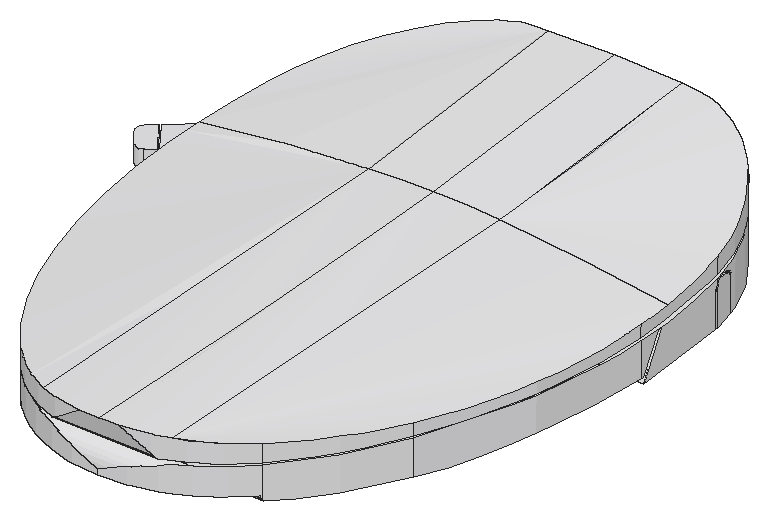
Revit family "Bidet_Seat-Elongated_Closed_Front-KOHLER-C3-030-K-98804K_1", category Plumbing Fixtures, host Face, Revit 2017
Family settings
  Host = Face
  Round Connector Dimension = Use Diameter
  Part Type = Normal
  OmniClass Number = 23.31.19.19.17
  OmniClass Title = Water Closet Seats
  Cut with Voids When Loaded = No
  Shared = No
  Room Calculation Point = No
Parameters (values of type "0-White")
  Width = 14 1/2"  # constant formula
  WaterSense Certified = 1 = 0  # no
  Waste Connection = 1 = 0  # no
  Vent Connection = 1 = 0  # no
  URL = "https://www.kohlerasiapacific.com/"
  Product Page URL = "https://www.kohlerasiapacific.com/productDetails/98804K?skuid=98804K-0"
  Product Name = "C3-030"  # constant formula
  Product Documentation Link = "http://resources.kohler.com/plumbing/kohlerapac/pdf/98804K.pdf"
  Model = "K-98804K-0"  # constant formula
  Material = "Plastic"  # constant formula
  Master Format 2014 Name = "Toilet, Bath, and Laundry Accessories"  # constant formula
  Master Format 2014 = "22 42 13.13"  # constant formula
  Manufacturer Address = "No. 158 Jiang Chang San Road, Zhabei District, Shanghai, China"  # constant formula
  Manufacturer = "KOHLER Co."  # constant formula
  Length = 19.76378"  # constant formula
  Hot Water Inlet = "Hot Water Inlet"  # constant formula
  Height = 3 1/16"  # constant formula
  HW Connection = 1 = 0  # no
  Finish = Kohler-Plastic-0-White
  Environmental Product Declaration = ""
  Description = "Manual Bidet Seat"  # constant formula
  Default Elevation = 0"
  Declare Label = ""
  Date Modified = "04/15/2021"  # constant formula
  Date Created = "04/15/2021"  # constant formula
  Copyright = "Copyright KOHLER Co."  # constant formula
  Contact Us = "https://www.kohlerasiapacific.com/contact-us"
  Cold Water Inlet = "Cold Water Inlet"  # constant formula
  CW Connection = 1 = 1  # yes
  Assembly Code = "D2010100"
  ADA Compliant = 1 = 0  # no
Reference planes (in)
  plane 1 "Center (Front/Back)": y = 0
  plane 2: z = 0
  plane 3 "Center (Left/Right)": x = 0
  plane 4: y = -9.35236
  plane 5: x = -7.25
  plane 6: x = 7.25
  plane 7: x = -8.90354
  plane 8: z = 3.0625
  plane 9: through (7.25475, 1.48599, 48) normal (-0.3746, -0.9272, 0)
  plane 10: through (-8.57898, 2.22175, 48) normal (-0.9272, 0.3746, 0)
  plane 11: z = 0.69644
  plane 12: y = 7.08901
  plane 13: x = -6.61278
  plane 14: y = 10.41142
  plane 15: z = -0.95089
Forms (in)
  Extrusion 1, void
    sketch origin (0, 0, 0) x (0, 1, 0) y (0, 0, 1)
      loop
        line (6.33514, 0) -> (3.25, 0) -> (3.25, -1) -> (6.33514, -1) -> (6.33514, 0)
    from -0.95956 to 0.88435
Dimensions and locks (in)
  "Height": level to plane 8
  "Width": plane 5 to plane 6
  "Length": plane 14 to plane 4
  locked: plane 7 to plane 5 at 1.65354
  aligned and locked: plane 2 to host face
  aligned and locked: level to host face
Automatic sketch dimensions
  host sketch curve to host sketch curve = 96"  (x2)
  Extrusion 1 sketch curve to level = 0"
  Extrusion 1 sketch curve to plane 1 "Center (Front/Back)" = 3 1/4"
  Extrusion 1 sketch curve to level = 1"
  Extrusion 1 sketch curve to Extrusion 1 sketch curve = 3.08514"
Nested families (in)
  nested 1: "K-98804K" at (0, 10.41142, 0), type "K-98804K"
Connectors (in)
  piping at (-6.61274, 7.0887, 0.69644), diameter 0.5, driven by "CW Connection", driven by "Cold Water Inlet"
    settings: on nested 1, index 1, connector inside diameter 24", connector length 0", flow factor 0, pipe flow 0 GPM, pressure drop 0.00 psi, fitting loss kfactor 0, connector angle 0.00°, fixture units 0, engagement length 0", angle of deflection 0.00°, flow configuration 0, flow direction 1, fitting loss method 0, system type 20, joint type 0, gender type 0, connector reference index -1, connector utility 1, adjustable connector no, is connector primary yes, connector description "Cold Water Inlet"
Definition of nested family "K-98804K"
  Parameters (values of type "K-98804K")
    Material = none
  Reference planes (in)
    plane 1 "Center (Front/Back)": y = 0
    plane 2: z = 0
    plane 3 "Center (Left/Right)": x = 0
    plane 4: z = 3.0625
    plane 5: y = -19.9375
    plane 6: x = -7.25
    plane 7: x = -8.875
    plane 8: x = 7.25
    plane 9 "hose": through (-6.90539, -3.37515, 48) normal (0.9272, -0.3746, 0)
    plane 10 "hose 1": through (-6.90539, -3.37515, 48) normal (0.3746, 0.9272, 0)
    plane 11: y = -10.58514
  Forms (in)
    Extrusion 1, solid, material <- "Material", detail levels medium+fine
      sketch origin (0, 0, 0) x (1, 0, 0) y (0, 1, 0)
        loop
          arc (-5.79389, -14.99319) -> (-4.88771, -16.69207) -> (-3.731, -18.23134) r 12.48022
          arc (-3.731, -18.23134) -> (-2.04743, -19.48227) -> (0, -19.9375) r 5.02798
          arc (0, -19.9375) -> (2.04743, -19.48227) -> (3.731, -18.23134) r 5.02798
          arc (3.731, -18.23134) -> (4.88771, -16.69207) -> (5.79389, -14.99319) r 12.48022
          arc (5.79389, -14.99319) -> (6.88207, -11.59136) -> (7.25, -8.03872) r 17.3356
          arc (7.25, -8.03872) -> (7.1668, -6.34672) -> (6.91802, -4.67105) r 17.24708
          arc (6.91802, -4.67105) -> (6.08385, -2.53235) -> (4.56565, -0.81045) r 6.579
          arc (4.56565, -0.81045) -> (3.95093, -0.40445) -> (3.27397, -0.11387) r 4.13855
          arc (3.27397, -0.11387) -> (2.92153, -0.02865) -> (2.56006, 0) r 2.29489
          line (2.56006, 0) -> (-2.76102, 0)
          arc (-2.76102, 0) -> (-2.85653, -0.00562) -> (-2.95072, -0.02241) r 0.81424
          arc (-2.95072, -0.02241) -> (-3.80147, -0.32772) -> (-4.56565, -0.81045) r 4.13855
          arc (-4.56565, -0.81045) -> (-6.08385, -2.53235) -> (-6.91802, -4.67105) r 6.579
          arc (-6.91802, -4.67105) -> (-7.1668, -6.34672) -> (-7.25, -8.03872) r 17.24708
          arc (-7.25, -8.03872) -> (-6.88207, -11.59136) -> (-5.79389, -14.99319) r 17.3356
      from 0 to 3.0625
    Sweep 2, void
      path origin (0, 0, 0) x (1, 0, 0) y (0, 0, 1)
        loop
          arc (-15.60328, 2.60526) -> (-12.05024, 2.0722) -> (-8.4639, 2.28746) r 17.23261
          arc (-8.4639, 2.28746) -> (-5.2738, 2.72995) -> (-2.0647, 3.00245) r 60.64245
          arc (-2.0647, 3.00245) -> (-1.03279, 3.04748) -> (0, 3.0625) r 35.52401
          arc (0, 3.0625) -> (1.03279, 3.04748) -> (2.0647, 3.00245) r 35.52401
          arc (2.0647, 3.00245) -> (5.2738, 2.72995) -> (8.4639, 2.28746) r 60.64245
          arc (8.4639, 2.28746) -> (12.05024, 2.0722) -> (15.60328, 2.60526) r 17.23261
      profile origin (0, 0, 3.0625) x (0, 0, -1) y (0, -1, 0)
        loop
          arc (0.73974, 6.95713) -> (1.08453, 13.44434) -> (1.28845, 19.9375) r 299.30496
          line (1.28845, 19.9375) -> (-2.5, 19.9375) -> (-2.5, 0) -> (0, 0)
          arc (0, 0) -> (0.4429, 3.4708) -> (0.73974, 6.95713) r 83.35618
    Extrusion 3, void
      sketch origin (0, 0, 0) x (0, 1, 0) y (0, 0, 1)
        loop
          line (-18.29047, 0.19685) -> (-19.9375, 0.19685) -> (-19.9375, 0.3811)
          arc (-19.9375, 0.3811) -> (-19.75488, 0.82727) -> (-19.31184, 1.01735) r 0.63634
          line (-19.31184, 1.01735) -> (-9.49904, 1.18204)
          arc (-9.49904, 1.18204) -> (-4.90457, 1.35542) -> (-0.32138, 1.72097) r 109.81346
          arc (-0.32138, 1.72097) -> (0.68732, 1.85769) -> (1.68433, 2.06303) r 14.88604
          line (1.68433, 2.06303) -> (1.76016, 2.13886)
          arc (1.76016, 2.13886) -> (0.69765, 1.87376) -> (-0.38863, 1.73526) r 9.30979
          arc (-0.38863, 1.73526) -> (-10.00827, 1.25081) -> (-19.63902, 1.10623) r 272.82702
          arc (-19.63902, 1.10623) -> (-19.66069, 1.11319) -> (-19.67435, 1.13139) r 0.03752
          line (-19.67435, 1.13139) -> (-19.9375, 1.88531) -> (-22.6875, 1.88531) -> (-22.6875, 0) -> (-18.29047, 0) -> (-18.29047, 0.19685)
      from -17.2144 to 12
    Extrusion 4, void
      sketch origin (0, 0, 0) x (0, 1, 0) y (0, 0, 1)
        loop
          arc (-0.32751, 2.59237) -> (-0.13773, 2.48901) -> (-0.05798, 2.28816) r 0.31768
          line (-0.05798, 2.28816) -> (0, 0.41339) -> (0.75, 0.41339) -> (0.75, 3.07568) -> (-0.39914, 2.78917) -> (-0.32751, 2.59237)
      from -9.6785 to 12
    Extrusion 5, void
      sketch origin (0, 0, 0) x (1, 0, 0) y (0, 0, 1)
        loop
          line (2.75991, 2.60474) -> (2.74502, 1.75188) -> (2.81496, 1.75188) -> (2.81496, 2.80323)
          arc (2.81496, 2.80323) -> (0, 2.86433) -> (-2.81496, 2.80323) r 64.87585
          line (-2.81496, 2.80323) -> (-2.81496, 1.75188) -> (-2.74502, 1.75188) -> (-2.75991, 2.60474) -> (2.75991, 2.60474)
      from -1.06051 to 0.43385
    Extrusion 6, void
      sketch origin (0, 0, 0) x (0, 1, 0) y (0, 0, 1)
        loop
          line (-7.93545, 0) -> (-7.26365, 1.21195) -> (-7.38963, 1.21195) -> (-7.96925, 0.16629) -> (-9.71925, 0.16629)
          arc (-9.71925, 0.16629) -> (-11.00818, 0.14562) -> (-12.29578, 0.08364) r 40.20116
          arc (-12.29578, 0.08364) -> (-15.24824, -0.01967) -> (-18.20171, 0.04928) r 50.66603
          line (-18.20171, 0.04928) -> (-18.34928, 0.19685) -> (-20.2313, 0.19685) -> (-20.2313, -6.30315) -> (4.2687, -6.30315) -> (4.2687, 0) -> (-7.93545, 0)
      from -13.86887 to 12
    Extrusion 7, solid, material <- "Material", detail levels medium+fine
      sketch origin (0, 0, 0) x (1, 0, 0) y (0, 1, 0)
        loop
          line (-8.80457, -7.51551) -> (-8.40823, -8.01235)
          arc (-8.40823, -8.01235) -> (-8.24873, -8.10192) -> (-8.07195, -8.05489) r 0.24306
          line (-8.07195, -8.05489) -> (-7.76299, -7.82208)
          arc (-7.76299, -7.82208) -> (-7.62897, -7.74058) -> (-7.48149, -7.68716) r 0.79017
          arc (-7.48149, -7.68716) -> (-7.20425, -7.69764) -> (-6.97678, -7.85647) r 0.49189
          line (-6.97678, -7.85647) -> (-6.34637, -4.1611)
          arc (-6.34637, -4.1611) -> (-6.9385, -5.13881) -> (-7.65072, -6.03284) r 8.92615
          arc (-7.65072, -6.03284) -> (-8.07394, -6.4686) -> (-8.52581, -6.87457) r 8.92615
          line (-8.52581, -6.87457) -> (-8.76008, -7.07106)
          arc (-8.76008, -7.07106) -> (-8.87278, -7.28423) -> (-8.80457, -7.51551) r 0.31979
      from 0.6351 to 1.14961
    Extrusion 8, void
      sketch origin (-4.76407, 1.92481, 0) x (0.374607, 0.927184, 0) y (0, 0, 1)
        loop
          line (-5.69732, 1.21379) -> (-5.74829, 1.21379)
          arc (-5.74829, 1.21379) -> (-5.94169, 1.08142) -> (-6.15375, 0.98167) r 1.46141
          line (-6.15375, 0.98167) -> (-6.17912, 0.93946)
          arc (-6.17912, 0.93946) -> (-6.16186, 0.7012) -> (-6.17912, 0.46294) r 1.65396
          line (-6.17912, 0.46294) -> (-6.16051, 0.42938)
          arc (-6.16051, 0.42938) -> (-5.95595, 0.30456) -> (-5.74542, 0.19012) r 4.79853
          line (-5.74542, 0.19012) -> (-5.7002, 0.19012)
          arc (-5.7002, 0.19012) -> (-5.48966, 0.30456) -> (-5.2851, 0.42938) r 4.79853
          line (-5.2851, 0.42938) -> (-5.2665, 0.46294)
          arc (-5.2665, 0.46294) -> (-5.28375, 0.7012) -> (-5.2665, 0.93946) r 1.65396
          line (-5.2665, 0.93946) -> (-5.29186, 0.98167)
          arc (-5.29186, 0.98167) -> (-5.50393, 1.08142) -> (-5.69732, 1.21379) r 1.46141
        loop
          circle (-5.70001, 0.68575) r 0.82046
      from 0 to 1.06206
    Revolve 9, solid, material <- "Material", detail levels medium+fine
      sketch origin (0.04323, -0.02051, 0.69644) x (1, 0, 0) y (0, 1, 0)
        loop
          line (-7.0455, -3.72193) -> (-7.11312, -3.88929) -> (-6.18594, -4.26389) -> (-5.97821, -3.74976) -> (-6.30673, -3.61702) -> (-6.44684, -3.96381) -> (-7.0455, -3.72193)
        axis (-6.90539, -3.37515) -> (-5.97821, -3.74976)
      angle from 0 to 360
    Extrusion 10, solid, material <- "Material", detail levels medium+fine
      sketch origin (0, 0, 0) x (1, 0, 0) y (0, 1, 0)
        loop
          arc (-3.53696, -15.25762) -> (-3.5265, -15.23642) -> (-3.53112, -15.21323) r 0.03678
          line (-3.53112, -15.21323) -> (-3.6169, -15.06464)
          arc (-3.6169, -15.06464) -> (-3.64016, -15.04727) -> (-3.66878, -15.05219) r 0.03678
          line (-3.66878, -15.05219) -> (-4.73046, -15.74165)
          arc (-4.73046, -15.74165) -> (-4.74578, -15.76236) -> (-4.74376, -15.78804) r 0.03678
          line (-4.74376, -15.78804) -> (-4.55086, -16.20171)
          arc (-4.55086, -16.20171) -> (-4.52391, -16.22239) -> (-4.49152, -16.21218) r 0.03678
          line (-4.49152, -16.21218) -> (-3.53696, -15.25762)
        loop
          arc (5.1499, -9.49709) -> (5.13024, -9.51023) -> (5.12264, -9.53262) r 0.03678
          line (5.12264, -9.53262) -> (5.12264, -9.70418)
          arc (5.12264, -9.70418) -> (5.13411, -9.73086) -> (5.16135, -9.74091) r 0.03678
          line (5.16135, -9.74091) -> (6.42551, -9.67466)
          arc (6.42551, -9.67466) -> (6.44914, -9.66439) -> (6.46023, -9.64114) r 0.03678
          line (6.46023, -9.64114) -> (6.50001, -9.18643)
          arc (6.50001, -9.18643) -> (6.48701, -9.15505) -> (6.45385, -9.1477) r 0.03678
          line (6.45385, -9.1477) -> (5.1499, -9.49709)
        loop
          line (3.50729, -15.28729) -> (4.46185, -16.24185)
          arc (4.46185, -16.24185) -> (4.5312, -16.26371) -> (4.58889, -16.21945) r 0.07874
          line (4.58889, -16.21945) -> (4.78179, -15.80577)
          arc (4.78179, -15.80577) -> (4.78611, -15.75079) -> (4.75331, -15.70646) r 0.07874
          line (4.75331, -15.70646) -> (3.69164, -15.017)
          arc (3.69164, -15.017) -> (3.63037, -15.00647) -> (3.58056, -15.04366) r 0.07874
          line (3.58056, -15.04366) -> (3.49478, -15.19224)
          arc (3.49478, -15.19224) -> (3.4849, -15.24189) -> (3.50729, -15.28729) r 0.07874
        loop
          arc (-5.16353, -9.78282) -> (-5.10522, -9.7613) -> (-5.08068, -9.7042) r 0.07872
          line (-5.08068, -9.7042) -> (-5.08068, -9.5326)
          arc (-5.08068, -9.5326) -> (-5.09695, -9.48468) -> (-5.13903, -9.45656) r 0.07873
          line (-5.13903, -9.45656) -> (-6.44302, -9.10716)
          arc (-6.44302, -9.10716) -> (-6.51399, -9.12289) -> (-6.54181, -9.19006) r 0.07872
          line (-6.54181, -9.19006) -> (-6.50203, -9.64481)
          arc (-6.50203, -9.64481) -> (-6.47829, -9.69458) -> (-6.42772, -9.71656) r 0.07872
          line (-6.42772, -9.71656) -> (-5.16353, -9.78282)
      from 0 to 0.83088
    Extrusion 11, solid, material <- "Material"
      sketch origin (0, 0, 0) x (0, 1, 0) y (0, 0, 1)
        loop
          arc (-6.9849, 0) -> (-6.94602, -0.22751) -> (-6.81952, -0.42056) r 0.5659
          line (-6.81952, -0.42056) -> (-6.28919, -0.95089) -> (-4.25, 0) -> (-6.9849, 0)
      from -0.78869 to 0.74751
    Extrusion 12, solid, material <- "Material", detail levels coarse
      sketch origin (0, 0, 0) x (1, 0, 0) y (0, 1, 0)
        loop
          arc (6.92008, -4.68143) -> (6.08387, -2.53239) -> (4.55744, -0.80392) r 6.579
          arc (4.55744, -0.80392) -> (3.75136, -0.3037) -> (2.85262, 0) r 4.14128
          line (2.85262, 0) -> (-2.85262, 0)
          arc (-2.85262, 0) -> (-3.75136, -0.3037) -> (-4.55741, -0.80395) r 4.14128
          arc (-4.55741, -0.80395) -> (-5.72109, -1.99794) -> (-6.54722, -3.44613) r 6.579
          arc (-6.54722, -3.44613) -> (-6.81592, -4.23597) -> (-6.9825, -5.05346) r 6.579
          arc (-6.9825, -5.05346) -> (-7.03081, -5.23209) -> (-7.12231, -5.39294) r 0.7331
          arc (-7.12231, -5.39294) -> (-7.37907, -5.71904) -> (-7.65072, -6.03284) r 8.92615
          arc (-7.65072, -6.03284) -> (-8.07394, -6.4686) -> (-8.52581, -6.87457) r 8.92615
          line (-8.52581, -6.87457) -> (-8.76008, -7.07106)
          arc (-8.76008, -7.07106) -> (-8.87278, -7.28423) -> (-8.80457, -7.51551) r 0.31979
          line (-8.80457, -7.51551) -> (-8.40823, -8.01235)
          arc (-8.40823, -8.01235) -> (-8.24873, -8.10192) -> (-8.07195, -8.05489) r 0.24306
          line (-8.07195, -8.05489) -> (-7.76299, -7.82208)
          arc (-7.76299, -7.82208) -> (-7.62897, -7.74058) -> (-7.48149, -7.68716) r 0.79017
          arc (-7.48149, -7.68716) -> (-7.40934, -7.67451) -> (-7.33611, -7.67272) r 0.49189
          arc (-7.33611, -7.67272) -> (-7.27294, -7.702) -> (-7.24787, -7.76695) r 0.09289
          arc (-7.24787, -7.76695) -> (-6.9094, -11.45824) -> (-5.79389, -14.99319) r 17.3356
          arc (-5.79389, -14.99319) -> (-4.90303, -16.66797) -> (-3.76864, -18.18837) r 12.48022
          arc (-3.76864, -18.18837) -> (0, -19.90244) -> (3.76864, -18.18837) r 5
          arc (3.76864, -18.18837) -> (4.90303, -16.66797) -> (5.79389, -14.99319) r 12.48022
          arc (5.79389, -14.99319) -> (7.14724, -9.92349) -> (6.92008, -4.68143) r 17.3356
      from 0 to 3.0625
    Extrusion 13, solid, material <- "Material", detail levels coarse
      sketch origin (-4.76407, 1.92481, 0) x (0.374607, 0.927184, 0) y (0, 0, 1)
        loop
          circle (-5.71902, 0.69644) r 0.5
      from 0 to 1.08529
    Extrusion 14, void
      sketch origin (0, 0, 0) x (1, 0, 0) y (0, 1, 0)
        loop
          line (-7.70833, -7.89462) -> (-8.81617, -6.42447) -> (-8.86254, -6.47084) -> (-7.7547, -7.94099) -> (-7.70833, -7.89462)
      from 0.98526 to 12
    Extrusion 15, void
      sketch origin (-1.67357, 9.57408, 1.5) x (0.374607, 0.927184, 0) y (0, 0, 1)
        loop
          line (-10.10576, -1.64924) -> (-10.05107, -1.64924) -> (-10.05107, -0.51326)
          arc (-10.05107, -0.51326) -> (-9.73076, -0.19295) -> (-9.41045, -0.51326) r 0.32031
          line (-9.41045, -0.51326) -> (-9.41045, -1.64924) -> (-9.35576, -1.64924) -> (-9.35576, -0.51326)
          arc (-9.35576, -0.51326) -> (-9.73076, -0.13826) -> (-10.10576, -0.51326) r 0.375
          line (-10.10576, -0.51326) -> (-10.10576, -1.64924)
      from 12 to 25.89752
  Cuts and joins
    Sweep 2, Extrusion 3, Extrusion 4, Extrusion 5, Extrusion 6, Extrusion 15 cuts Extrusion 1
    Extrusion 14 cuts Extrusion 7
    Extrusion 8 cuts Revolve 9
    joined: Extrusion 1, Extrusion 7, Revolve 9, Extrusion 10
  Lines and regions (in)
    Masking region 1
      outline origin (0, 0, 0) x (1, 0, 0) y (0, 1, 0)
        loop
          arc (-7.2464, -7.68556) -> (-6.91738, -11.41833) -> (-5.79389, -14.99319) r 17.3356
          arc (-5.79389, -14.99319) -> (-4.88771, -16.69207) -> (-3.731, -18.23134) r 12.48022
          arc (-3.731, -18.23134) -> (-2.04743, -19.48227) -> (0, -19.9375) r 5.02798
          arc (0, -19.9375) -> (2.04743, -19.48227) -> (3.731, -18.23134) r 5.02798
          arc (3.731, -18.23134) -> (4.88771, -16.69207) -> (5.79389, -14.99319) r 12.48022
          arc (5.79389, -14.99319) -> (7.14724, -9.92349) -> (6.92173, -4.6811) r 17.3356
          arc (6.92173, -4.6811) -> (6.08387, -2.53239) -> (4.55744, -0.80392) r 6.579
          spline (4.55744, -0.80392) -> (4.43195, -0.70819) -> (4.3028, -0.61727) -> (4.17016, -0.53133) -> (4.03422, -0.45049) -> (3.89518, -0.37487) -> (3.75324, -0.30458) -> (3.6086, -0.23973) -> (3.46149, -0.1804) -> (3.31212, -0.12669) -> (3.1607, -0.07868) -> (3.00746, -0.03642) -> (2.85262, 0)
          line (2.85262, 0) -> (-2.85262, 0)
          spline (-2.85262, 0) -> (-3.00746, -0.03642) -> (-3.1607, -0.07868) -> (-3.31212, -0.12669) -> (-3.46149, -0.1804) -> (-3.6086, -0.23973) -> (-3.75324, -0.30458) -> (-3.89518, -0.37487) -> (-4.03422, -0.45049) -> (-4.17016, -0.53133) -> (-4.3028, -0.61727) -> (-4.43195, -0.70819) -> (-4.55741, -0.80395)
          arc (-4.55741, -0.80395) -> (-5.59694, -1.83825) -> (-6.38151, -3.07715) r 6.579
          line (-6.38151, -3.07715) -> (-6.69264, -2.9761) -> (-7.03452, -3.82226) -> (-6.72292, -3.92346)
          arc (-6.72292, -3.92346) -> (-6.89726, -4.57087) -> (-7.00481, -5.23267) r 6.579
          arc (-7.00481, -5.23267) -> (-7.31623, -5.64207) -> (-7.65072, -6.03284) r 8.92615
          arc (-7.65072, -6.03284) -> (-8.07394, -6.4686) -> (-8.52581, -6.87457) r 8.92615
          line (-8.52581, -6.87457) -> (-8.76008, -7.07106)
          arc (-8.76008, -7.07106) -> (-8.87278, -7.28423) -> (-8.80457, -7.51551) r 0.31979
          line (-8.80457, -7.51551) -> (-8.40823, -8.01235)
          arc (-8.40823, -8.01235) -> (-8.24873, -8.10192) -> (-8.07195, -8.05489) r 0.24306
          line (-8.07195, -8.05489) -> (-7.76299, -7.82208)
          arc (-7.76299, -7.82208) -> (-7.62897, -7.74058) -> (-7.48149, -7.68716) r 0.79017
          arc (-7.48149, -7.68716) -> (-7.36404, -7.67211) -> (-7.2464, -7.68556) r 0.49189
    Masking region 2
      outline origin (0, 0, 0) x (0, 1, 0) y (0, 0, 1)
        loop
          line (0, 2.88868) -> (0, 3.0625)
          arc (0, 3.0625) -> (-9.92998, 2.16458) -> (-19.89266, 1.76981) r 197.16148
          arc (-19.89266, 1.76981) -> (-19.91767, 1.7561) -> (-19.9204, 1.72771) r 0.03047
          line (-19.9204, 1.72771) -> (-19.67384, 1.13015)
          arc (-19.67384, 1.13015) -> (-19.65964, 1.11279) -> (-19.63819, 1.10623) r 0.03868
          arc (-19.63819, 1.10623) -> (-10.11363, 1.24739) -> (-0.59981, 1.72097) r 272.82702
          line (-0.59981, 1.72097) -> (-0.32138, 1.72097)
          arc (-0.32138, 1.72097) -> (-4.90457, 1.35542) -> (-9.49904, 1.18204) r 109.81346
          line (-9.49904, 1.18204) -> (-19.31184, 1.01735)
          arc (-19.31184, 1.01735) -> (-19.75488, 0.82727) -> (-19.9375, 0.3811) r 0.63634
          line (-19.9375, 0.3811) -> (-19.9375, 0.19685) -> (-18.29047, 0.19685) -> (-18.29047, 0.13804) -> (-18.20171, 0.04928) -> (-16.98509, 0) -> (-14.10094, 0)
          arc (-14.10094, 0) -> (-13.19799, 0.03377) -> (-12.29578, 0.08364) r 50.66603
          arc (-12.29578, 0.08364) -> (-11.03994, 0.14459) -> (-9.78282, 0.16624) r 40.20116
          line (-9.78282, 0.16624) -> (-9.78282, 0) -> (-9.10716, 0) -> (-9.10716, 0.16629) -> (-7.96925, 0.16629) -> (-7.70938, 0.6351) -> (-7.5834, 0.6351) -> (-7.93545, 0) -> (-6.9849, 0)
          arc (-6.9849, 0) -> (-6.94602, -0.22751) -> (-6.81952, -0.42056) r 0.5659
          line (-6.81952, -0.42056) -> (-6.28919, -0.95089) -> (-4.25, 0) -> (0, 0) -> (0, 0.41339) -> (-0.05798, 2.28816)
          arc (-0.05798, 2.28816) -> (-0.13773, 2.48901) -> (-0.32751, 2.59237) r 0.31768
          line (-0.32751, 2.59237) -> (-0.39914, 2.78917) -> (0, 2.88868)
    Masking region 3
      outline origin (0, 0, 0) x (1, 0, 0) y (0, 0, 1)
        loop
          spline (-6.91802, 1.95622) -> (-6.96935, 1.92449) -> (-7.01642, 1.89417) -> (-7.0592, 1.86526) -> (-7.09769, 1.83777) -> (-7.13188, 1.81172) -> (-7.16175, 1.7871) -> (-7.18729, 1.76392) -> (-7.20851, 1.7422) -> (-7.22539, 1.72193) -> (-7.23794, 1.70312) -> (-7.24613, 1.68578) -> (-7.24999, 1.66992)
          line (-7.24999, 1.66992) -> (-7.24999, 1.3223)
          spline (-7.24999, 1.3223) -> (-7.24958, 1.31754) -> (-7.24835, 1.31284) -> (-7.24629, 1.30818) -> (-7.2434, 1.30358) -> (-7.23969, 1.29903) -> (-7.23516, 1.29453) -> (-7.2298, 1.29008) -> (-7.22361, 1.28569) -> (-7.2166, 1.28135) -> (-7.20876, 1.27705) -> (-7.2001, 1.27282) -> (-7.19062, 1.26863)
          spline (-7.19062, 1.26863) -> (-7.2, 1.26362) -> (-7.20858, 1.25874) -> (-7.21636, 1.25397) -> (-7.22333, 1.24934) -> (-7.22949, 1.24482) -> (-7.23484, 1.24043) -> (-7.23939, 1.23616) -> (-7.24312, 1.23202) -> (-7.24606, 1.228) -> (-7.24818, 1.2241) -> (-7.24949, 1.22033) -> (-7.25, 1.21669)
          line (-7.25, 1.21669) -> (-7.25, 1.14961) -> (-8.875, 1.14961) -> (-8.875, 0.6351) -> (-7.25, 0.6351) -> (-7.25, 0.16629) -> (-7.16835, 0.16629)
          spline (-7.16835, 0.16629) -> (-7.14582, 0.16563) -> (-7.12056, 0.16383) -> (-7.09257, 0.1609) -> (-7.06187, 0.15683) -> (-7.02845, 0.15164) -> (-6.99233, 0.14531) -> (-6.95351, 0.13785) -> (-6.91199, 0.12926) -> (-6.8678, 0.11954) -> (-6.82092, 0.1087) -> (-6.77138, 0.09673) -> (-6.71917, 0.08364)
          spline (-6.71917, 0.08364) -> (-6.70538, 0.08021) -> (-6.69141, 0.07683) -> (-6.67727, 0.07351) -> (-6.66295, 0.07025) -> (-6.64845, 0.06705) -> (-6.63379, 0.06391) -> (-6.61894, 0.06083) -> (-6.60392, 0.0578) -> (-6.58873, 0.05484) -> (-6.57337, 0.05193) -> (-6.55783, 0.04908) -> (-6.54211, 0.04629)
          line (-6.54211, 0.04629) -> (-6.54211, 0) -> (-0.78869, 0) -> (-0.78869, -0.95089) -> (0.78869, -0.95089) -> (0.78869, 0) -> (6.54211, 0) -> (6.54211, 0.04629)
          spline (6.54211, 0.04629) -> (6.55783, 0.04908) -> (6.57337, 0.05193) -> (6.58873, 0.05484) -> (6.60392, 0.0578) -> (6.61894, 0.06083) -> (6.63379, 0.06391) -> (6.64845, 0.06705) -> (6.66295, 0.07025) -> (6.67727, 0.07351) -> (6.69141, 0.07683) -> (6.70538, 0.08021) -> (6.71917, 0.08364)
          spline (6.71917, 0.08364) -> (6.77138, 0.09673) -> (6.82092, 0.1087) -> (6.8678, 0.11954) -> (6.91199, 0.12926) -> (6.95351, 0.13785) -> (6.99233, 0.14531) -> (7.02845, 0.15164) -> (7.06187, 0.15683) -> (7.09257, 0.1609) -> (7.12056, 0.16383) -> (7.14582, 0.16563) -> (7.16835, 0.16629)
          line (7.16835, 0.16629) -> (7.25, 0.16629) -> (7.24638, 1.14961) -> (7.24638, 1.22747)
          spline (7.24638, 1.22747) -> (7.24431, 1.23051) -> (7.24177, 1.23361) -> (7.23875, 1.23679) -> (7.23528, 1.24004) -> (7.23133, 1.24337) -> (7.22691, 1.24676) -> (7.22203, 1.25023) -> (7.21668, 1.25377) -> (7.21087, 1.25738) -> (7.20458, 1.26106) -> (7.19783, 1.26481) -> (7.19062, 1.26863)
          spline (7.19062, 1.26863) -> (7.2001, 1.27282) -> (7.20876, 1.27705) -> (7.2166, 1.28135) -> (7.22361, 1.28569) -> (7.2298, 1.29008) -> (7.23516, 1.29453) -> (7.23969, 1.29903) -> (7.2434, 1.30358) -> (7.24629, 1.30818) -> (7.24835, 1.31284) -> (7.24958, 1.31754) -> (7.24999, 1.3223)
          line (7.24999, 1.3223) -> (7.24999, 1.66992)
          spline (7.24999, 1.66992) -> (7.24613, 1.68578) -> (7.23794, 1.70312) -> (7.22539, 1.72193) -> (7.20851, 1.7422) -> (7.18729, 1.76392) -> (7.16175, 1.7871) -> (7.13188, 1.81172) -> (7.09769, 1.83777) -> (7.0592, 1.86526) -> (7.01642, 1.89417) -> (6.96935, 1.92449) -> (6.91802, 1.95622)
          spline (6.91802, 1.95622) -> (6.83144, 2.00444) -> (6.72307, 2.05631) -> (6.5934, 2.11152) -> (6.44291, 2.16981) -> (6.27211, 2.23085) -> (6.08167, 2.29409) -> (5.87226, 2.35899) -> (5.64456, 2.42497) -> (5.39927, 2.49142) -> (5.13715, 2.55762) -> (4.859, 2.62297) -> (4.56577, 2.68755)
          spline (4.56577, 2.68755) -> (4.45997, 2.70974) -> (4.35151, 2.73145) -> (4.24048, 2.75269) -> (4.12701, 2.77341) -> (4.01122, 2.7936) -> (3.89323, 2.81324) -> (3.77317, 2.83231) -> (3.65115, 2.85079) -> (3.52731, 2.86865) -> (3.40178, 2.88589) -> (3.27468, 2.90247) -> (3.14616, 2.91839)
          spline (3.14616, 2.91839) -> (3.09709, 2.92393) -> (3.04774, 2.92929) -> (2.99813, 2.93447) -> (2.94829, 2.93947) -> (2.89825, 2.94428) -> (2.84802, 2.94891) -> (2.79763, 2.95335) -> (2.74711, 2.9576) -> (2.69649, 2.96165) -> (2.64578, 2.96551) -> (2.59502, 2.96917) -> (2.54422, 2.97262)
          arc (2.54422, 2.97262) -> (2.30449, 2.98801) -> (2.0647, 3.00245) r 60.64245
          arc (2.0647, 3.00245) -> (1.03278, 3.04748) -> (-0.00001, 3.0625) r 35.52401
          arc (-0.00001, 3.0625) -> (-1.03279, 3.04748) -> (-2.0647, 3.00245) r 35.52401
          arc (-2.0647, 3.00245) -> (-2.30449, 2.98801) -> (-2.54422, 2.97263) r 60.64245
          spline (-2.54422, 2.97263) -> (-2.59502, 2.96917) -> (-2.64578, 2.96551) -> (-2.69649, 2.96165) -> (-2.74711, 2.9576) -> (-2.79763, 2.95335) -> (-2.84802, 2.94891) -> (-2.89825, 2.94428) -> (-2.94829, 2.93947) -> (-2.99813, 2.93447) -> (-3.04774, 2.92929) -> (-3.09709, 2.92393) -> (-3.14616, 2.91839)
          spline (-3.14616, 2.91839) -> (-3.27468, 2.90247) -> (-3.40178, 2.88589) -> (-3.52731, 2.86865) -> (-3.65115, 2.85079) -> (-3.77317, 2.83231) -> (-3.89323, 2.81324) -> (-4.01122, 2.7936) -> (-4.12701, 2.77341) -> (-4.24048, 2.75269) -> (-4.35151, 2.73145) -> (-4.45997, 2.70974) -> (-4.56577, 2.68755)
          spline (-4.56577, 2.68755) -> (-4.859, 2.62297) -> (-5.13715, 2.55762) -> (-5.39927, 2.49142) -> (-5.64456, 2.42497) -> (-5.87226, 2.35899) -> (-6.08167, 2.29409) -> (-6.27211, 2.23085) -> (-6.44291, 2.16981) -> (-6.5934, 2.11152) -> (-6.72307, 2.05631) -> (-6.83144, 2.00444) -> (-6.91802, 1.95622)
    symbolic lines, detail levels medium+fine
      curve 1: arc (-7.02475, -5.26041, 0) -> (-7.17843, -6.46907, 0) -> (-7.24638, -7.68557, 0) r 17.24708
      curve 2: arc (-6.38151, -3.07715, 0) -> (-6.56771, -3.49637, 0) -> (-6.72425, -3.92755, 0) r 6.579
      curve 3: arc (-4.24647, -1.19545, 0) -> (-4.85981, -1.755, 0) -> (-5.39119, -2.3929, 0) r 6.079
      curve 4: arc (-2.74786, -0.4889, 0) -> (-3.5381, -0.75593, 0) -> (-4.24683, -1.19579, 0) r 3.64128
      curve 5: arc (4.24683, -1.19579, 0) -> (3.5381, -0.75593, 0) -> (2.74786, -0.4889, 0) r 3.64128
      curve 6: arc (5.90119, -3.23369, 0) -> (5.18518, -2.12417, 0) -> (4.24647, -1.19545, 0) r 6.079
      curve 7: line (2.85262, -0.5, 0) -> (-2.85262, -0.5, 0)
      curve 8: arc (-6.53344, -3.985, 0) -> (-6.70251, -4.61281, 0) -> (-6.8068, -5.25457, 0) r 6.37979
      curve 9: arc (-6.82813, -5.2925, 0) -> (-6.99503, -6.6611, 0) -> (-7.05078, -8.03872, 0) r 17.04786
      curve 10: arc (-7.05078, -8.03872, 0) -> (-6.68708, -11.55053, 0) -> (-5.61141, -14.91327, 0) r 17.13638
      curve 11: arc (-5.61141, -14.91327, 0) -> (-4.71969, -16.58503, 0) -> (-3.58144, -18.09974, 0) r 12.281
      curve 12: arc (-3.58144, -18.09974, 0) -> (-1.96537, -19.30074, 0) -> (0, -19.73827, 0) r 4.82876
      curve 13: arc (0, -19.73827, 0) -> (1.96537, -19.30074, 0) -> (3.58144, -18.09974, 0) r 4.82876
      curve 14: arc (3.58144, -18.09974, 0) -> (4.71969, -16.58503, 0) -> (5.61141, -14.91327, 0) r 12.281
      curve 15: arc (5.61141, -14.91327, 0) -> (6.9492, -9.90183, 0) -> (6.72629, -4.71968, 0) r 17.13638
      curve 16: arc (6.72629, -4.71968, 0) -> (6.43058, -3.91181, 0) -> (5.90119, -3.23369, 0) r 2.76902
      curve 17: arc (-5.39119, -2.3929, 0) -> (-6.08602, -3.1002, 0) -> (-6.53344, -3.985, 0) r 3.22864
      curve 18: line (-8.54572, -6.89127, 0) -> (-7.81485, -7.86116, 0)
      curve 19: line (0, -4.25, 0) -> (0, -6.9849, 0)
      curve 20: line (0, -8.10384, 0.6351) -> (0, -8.10384, 1.14961)
      curve 21: line (0, -8.10384, 1.14961) -> (0, -5.26041, 1.14961)
      curve 22: line (0, -8.10384, 0.6351) -> (0, -7.70938, 0.6351)
      curve 23: line (0, -7.07106, 1.14961) -> (0, -7.07106, 0.6351)
      curve 24: arc (0, -5.26041, 0.6351) -> (0, -4.66369, 0.46314) -> (0, -4.25, 0) r 1.1213
      curve 25: arc (0, -5.26041, 1.14961) -> (0, -4.62908, 1.21557) -> (0, -4.02503, 1.41061) r 3.05413
      curve 26: spline (0, -3.39566, 0.32243) -> (0, -3.48542, 0.33517) -> (0, -3.56905, 0.37253) -> (0, -3.64088, 0.43197) -> (0, -3.69599, 0.50943) -> (0, -3.73063, 0.59964) -> (0, -3.74245, 0.69644) -> (0, -3.73063, 0.79324) -> (0, -3.69599, 0.88345) -> (0, -3.64088, 0.96091) -> (0, -3.56905, 1.02035) -> (0, -3.48542, 1.05771) -> (0, -3.39566, 1.07046) -> (0, -3.30591, 1.05771) -> (0, -3.22227, 1.02035) -> (0, -3.15045, 0.96091) -> (0, -3.09534, 0.88345) -> (0, -3.0607, 0.79324) -> (0, -3.04888, 0.69644) -> (0, -3.0607, 0.59964) -> (0, -3.09534, 0.50943) -> (0, -3.15045, 0.43197) -> (0, -3.22227, 0.37253) -> (0, -3.30591, 0.33517) -> (0, -3.39566, 0.32243)
      curve 27: line (0, -4.02503, 1.41061) -> (0, -4.25, 0)
      curve 28: line (0, -9.10716, 0.16629) -> (0, -9.78292, 0.16624)
      curve 29: line (0, -4.67105, 1.95622) -> (0, -0.81051, 2.68758)
      curve 30: spline (0, -7.01656, 1.72921) -> (0, -6.81939, 1.74403) -> (0, -6.62243, 1.75961) -> (0, -6.42573, 1.77593) -> (0, -6.22929, 1.793) -> (0, -6.03316, 1.81082) -> (0, -5.83736, 1.82938) -> (0, -5.64191, 1.84869) -> (0, -5.44686, 1.86873) -> (0, -5.25221, 1.88951) -> (0, -5.05801, 1.91102) -> (0, -4.86429, 1.93326) -> (0, -4.67105, 1.95622)
      curve 31: spline (0, -15.00076, 1.51528) -> (0, -14.45012, 1.50754) -> (0, -13.89183, 1.50341) -> (0, -13.32657, 1.50292) -> (0, -12.75503, 1.50605) -> (0, -12.17791, 1.51281) -> (0, -11.59592, 1.52319) -> (0, -11.00978, 1.53717) -> (0, -10.42021, 1.55474) -> (0, -9.82792, 1.57588) -> (0, -9.23364, 1.60055) -> (0, -8.63811, 1.62874) -> (0, -8.04204, 1.6604)
      curve 32: spline (0, -18.2322, 1.62921) -> (0, -17.98892, 1.61677) -> (0, -17.74034, 1.60484) -> (0, -17.48662, 1.59343) -> (0, -17.22793, 1.58254) -> (0, -16.96445, 1.5722) -> (0, -16.69634, 1.56239) -> (0, -16.42378, 1.55314) -> (0, -16.14696, 1.54443) -> (0, -15.86607, 1.53629) -> (0, -15.58127, 1.52872) -> (0, -15.29277, 1.52171) -> (0, -15.00076, 1.51528)
      curve 33: spline (0, -19.82057, 1.77085) -> (0, -19.75691, 1.75896) -> (0, -19.67979, 1.74698) -> (0, -19.5894, 1.73493) -> (0, -19.48601, 1.72286) -> (0, -19.3699, 1.71079) -> (0, -19.24139, 1.69875) -> (0, -19.10083, 1.68679) -> (0, -18.94863, 1.67494) -> (0, -18.7852, 1.66322) -> (0, -18.61099, 1.65167) -> (0, -18.42649, 1.64032) -> (0, -18.2322, 1.62921)
      curve 34: spline (0, -8.04204, 1.6604) -> (0, -7.9565, 1.66566) -> (0, -7.87097, 1.67101) -> (0, -7.78545, 1.67645) -> (0, -7.69995, 1.68197) -> (0, -7.61445, 1.68758) -> (0, -7.52897, 1.69328) -> (0, -7.44351, 1.69906) -> (0, -7.35807, 1.70492) -> (0, -7.27265, 1.71087) -> (0, -7.18726, 1.7169) -> (0, -7.1019, 1.72302) -> (0, -7.01656, 1.72923)
      curve 35: spline (0, -0.81051, 2.68758) -> (0, -0.71391, 2.71387) -> (0, -0.6222, 2.73949) -> (0, -0.53551, 2.76442) -> (0, -0.45398, 2.78861) -> (0, -0.37772, 2.81204) -> (0, -0.30684, 2.83465) -> (0, -0.24146, 2.85643) -> (0, -0.18166, 2.87734) -> (0, -0.12754, 2.89735) -> (0, -0.07918, 2.91643) -> (0, -0.03664, 2.93454) -> (0, 0, 2.95168)
      curve 36: line (0, -0.32758, 2.59217) -> (0, -0.26594, 2.00573)
      curve 37: arc (0, -0.26594, 2.00573) -> (0, -0.31094, 1.82758) -> (0, -0.4606, 1.72097) r 0.26635
      curve 38: line (0, -0.32138, 1.72097) -> (0, -0.18132, 1.73576)
      curve 39: line (0, -0.18132, 1.73576) -> (0, -0.27088, 2.58357)
      curve 40: line (0, 0, 0.41339) -> (0, -0.42802, 0.41339)
      curve 41: line (0, -0.42802, 0.41339) -> (0, -0.42802, 0)
      curve 42: spline (0, -3.80627, 0.69644) -> (0, -3.80633, 0.71676) -> (0, -3.80663, 0.73708) -> (0, -3.80715, 0.75739) -> (0, -3.80791, 0.7777) -> (0, -3.80889, 0.79799) -> (0, -3.81011, 0.81827) -> (0, -3.81156, 0.83853) -> (0, -3.81324, 0.85877) -> (0, -3.81515, 0.87899) -> (0, -3.81729, 0.89918) -> (0, -3.81966, 0.91934) -> (0, -3.82226, 0.93946)
      curve 43: line (0, -3.82226, 0.93946) -> (0, -3.79875, 0.98167)
      curve 44: spline (0, -3.79875, 0.98167) -> (0, -3.76498, 0.99591) -> (0, -3.73159, 1.01112) -> (0, -3.69858, 1.02729) -> (0, -3.66598, 1.04441) -> (0, -3.63382, 1.06245) -> (0, -3.60212, 1.08142) -> (0, -3.5709, 1.1013) -> (0, -3.54019, 1.12207) -> (0, -3.51, 1.14372) -> (0, -3.48036, 1.16624) -> (0, -3.45129, 1.1896) -> (0, -3.42281, 1.21379)
      curve 45: line (0, -3.42281, 1.21379) -> (0, -3.37555, 1.21379)
      curve 46: spline (0, -3.37555, 1.21379) -> (0, -3.34707, 1.1896) -> (0, -3.318, 1.16624) -> (0, -3.28836, 1.14372) -> (0, -3.25817, 1.12207) -> (0, -3.22745, 1.1013) -> (0, -3.19624, 1.08142) -> (0, -3.16454, 1.06245) -> (0, -3.13238, 1.04441) -> (0, -3.09978, 1.02729) -> (0, -3.06677, 1.01112) -> (0, -3.03338, 0.99591) -> (0, -2.99961, 0.98167)
      curve 47: line (0, -2.99961, 0.98167) -> (0, -2.9761, 0.93946)
      curve 48: spline (0, -2.9761, 0.93946) -> (0, -2.9787, 0.91934) -> (0, -2.98107, 0.89918) -> (0, -2.98321, 0.87899) -> (0, -2.98512, 0.85877) -> (0, -2.9868, 0.83853) -> (0, -2.98825, 0.81827) -> (0, -2.98946, 0.79799) -> (0, -2.99045, 0.7777) -> (0, -2.99121, 0.75739) -> (0, -2.99173, 0.73708) -> (0, -2.99203, 0.71676) -> (0, -2.99209, 0.69644)
      curve 49: spline (0, -3.80627, 0.69644) -> (0, -3.80633, 0.67612) -> (0, -3.80663, 0.6558) -> (0, -3.80715, 0.63549) -> (0, -3.80791, 0.61518) -> (0, -3.80889, 0.59489) -> (0, -3.81011, 0.57461) -> (0, -3.81156, 0.55435) -> (0, -3.81324, 0.53411) -> (0, -3.81515, 0.51389) -> (0, -3.81729, 0.49371) -> (0, -3.81966, 0.47355) -> (0, -3.82226, 0.45342)
      curve 50: line (0, -3.82226, 0.45342) -> (0, -3.79875, 0.41121)
      curve 51: spline (0, -3.79875, 0.41121) -> (0, -3.76498, 0.39697) -> (0, -3.73159, 0.38176) -> (0, -3.69858, 0.36559) -> (0, -3.66598, 0.34848) -> (0, -3.63382, 0.33043) -> (0, -3.60212, 0.31146) -> (0, -3.5709, 0.29158) -> (0, -3.54019, 0.27081) -> (0, -3.51, 0.24916) -> (0, -3.48036, 0.22664) -> (0, -3.45129, 0.20328) -> (0, -3.42281, 0.17909)
      curve 52: line (0, -3.42281, 0.17909) -> (0, -3.37555, 0.17909)
      curve 53: spline (0, -3.37555, 0.17909) -> (0, -3.34707, 0.20328) -> (0, -3.318, 0.22664) -> (0, -3.28836, 0.24916) -> (0, -3.25817, 0.27081) -> (0, -3.22745, 0.29158) -> (0, -3.19624, 0.31146) -> (0, -3.16454, 0.33043) -> (0, -3.13238, 0.34848) -> (0, -3.09978, 0.36559) -> (0, -3.06677, 0.38176) -> (0, -3.03338, 0.39697) -> (0, -2.99961, 0.41121)
      curve 54: line (0, -2.99961, 0.41121) -> (0, -2.9761, 0.45342)
      curve 55: spline (0, -2.9761, 0.45342) -> (0, -2.9787, 0.47355) -> (0, -2.98107, 0.49371) -> (0, -2.98321, 0.51389) -> (0, -2.98512, 0.53411) -> (0, -2.9868, 0.55435) -> (0, -2.98825, 0.57461) -> (0, -2.98946, 0.59489) -> (0, -2.99045, 0.61518) -> (0, -2.99121, 0.63549) -> (0, -2.99173, 0.6558) -> (0, -2.99203, 0.67612) -> (0, -2.99209, 0.69644)
      curve 56: line (0, -7.5834, 0.6351) -> (0, -5.26041, 0.6351)
      curve 57: spline (5.79611, 0, 1.51504) -> (5.66332, 0, 1.52063) -> (5.52305, 0, 1.52695) -> (5.37537, 0, 1.534) -> (5.22039, 0, 1.54177) -> (5.05822, 0, 1.55025) -> (4.88896, 0, 1.55944) -> (4.71272, 0, 1.56934) -> (4.52962, 0, 1.57994) -> (4.33979, 0, 1.59123) -> (4.14334, 0, 1.6032) -> (3.94042, 0, 1.61584) -> (3.73116, 0, 1.62915)
      curve 58: spline (7.25012, 0, 1.66058) -> (7.23975, 0, 1.62624) -> (7.20892, 0, 1.59586) -> (7.15768, 0, 1.56946) -> (7.08608, 0, 1.54709) -> (6.99421, 0, 1.52876) -> (6.88218, 0, 1.5145) -> (6.75013, 0, 1.50433) -> (6.59823, 0, 1.49826) -> (6.42665, 0, 1.49629) -> (6.23562, 0, 1.49844) -> (6.02535, 0, 1.50469) -> (5.79611, 0, 1.51504)
      curve 59: spline (3.73116, 0, 1.62915) -> (3.60894, 0, 1.63641) -> (3.48198, 0, 1.64384) -> (3.35044, 0, 1.65142) -> (3.21449, 0, 1.65916) -> (3.07432, 0, 1.66705) -> (2.93009, 0, 1.67506) -> (2.782, 0, 1.68319) -> (2.63025, 0, 1.69143) -> (2.47502, 0, 1.69977) -> (2.31652, 0, 1.7082) -> (2.15496, 0, 1.71671) -> (1.99054, 0, 1.72529)
      curve 60: spline (1.99054, 0, 1.72529) -> (1.86531, 0, 1.73123) -> (1.73866, 0, 1.73681) -> (1.61069, 0, 1.74204) -> (1.4815, 0, 1.74689) -> (1.35117, 0, 1.75138) -> (1.2198, 0, 1.7555) -> (1.0875, 0, 1.75924) -> (0.95436, 0, 1.7626) -> (0.82048, 0, 1.76558) -> (0.68596, 0, 1.76818) -> (0.55089, 0, 1.7704) -> (0.41538, 0, 1.77223)
      curve 61: spline (0, 0, 1.77485) -> (0.03462, 0, 1.77483) -> (0.06923, 0, 1.77478) -> (0.10385, 0, 1.77469) -> (0.13846, 0, 1.77457) -> (0.17308, 0, 1.77441) -> (0.2077, 0, 1.77422) -> (0.24231, 0, 1.774) -> (0.27693, 0, 1.77374) -> (0.31154, 0, 1.77344) -> (0.34616, 0, 1.77311) -> (0.38077, 0, 1.77275) -> (0.41538, 0, 1.77235)
      curve 62: spline (3.49045, 0, 1.10543) -> (3.68174, 0, 1.10573) -> (3.86821, 0, 1.10626) -> (4.04976, 0, 1.10702) -> (4.22629, 0, 1.10801) -> (4.39771, 0, 1.10922) -> (4.56393, 0, 1.11067) -> (4.72487, 0, 1.11235) -> (4.88044, 0, 1.11425) -> (5.03056, 0, 1.11637) -> (5.17516, 0, 1.11873) -> (5.31415, 0, 1.1213) -> (5.44747, 0, 1.1241)
      curve 63: spline (5.44747, 0, 1.1241) -> (5.68197, 0, 1.13008) -> (5.90086, 0, 1.13721) -> (6.10391, 0, 1.14549) -> (6.29093, 0, 1.15492) -> (6.46174, 0, 1.16547) -> (6.61616, 0, 1.17715) -> (6.75405, 0, 1.18993) -> (6.87525, 0, 1.20381) -> (6.97966, 0, 1.21877) -> (7.06716, 0, 1.2348) -> (7.13768, 0, 1.25189) -> (7.19115, 0, 1.27001)
      curve 64: spline (3.73099, 0, 1.03549) -> (3.48929, 0, 1.03119) -> (3.23027, 0, 1.02719) -> (2.95519, 0, 1.0235) -> (2.6654, 0, 1.02014) -> (2.36233, 0, 1.01714) -> (2.04746, 0, 1.01449) -> (1.72234, 0, 1.01222) -> (1.38855, 0, 1.01034) -> (1.04774, 0, 1.00886) -> (0.70158, 0, 1.00778) -> (0.35176, 0, 1.00711) -> (0, 0, 1.00685)
      curve 65: spline (5.79388, 0, 1.08983) -> (5.66124, 0, 1.08492) -> (5.52112, 0, 1.08007) -> (5.37361, 0, 1.07528) -> (5.2188, 0, 1.07056) -> (5.0568, 0, 1.0659) -> (4.88771, 0, 1.06132) -> (4.71165, 0, 1.05681) -> (4.52874, 0, 1.05238) -> (4.33908, 0, 1.04803) -> (4.14282, 0, 1.04376) -> (3.94008, 0, 1.03958) -> (3.73099, 0, 1.03549)
      curve 66: spline (7.18865, 0, 1.1821) -> (7.14227, 0, 1.17417) -> (7.08297, 0, 1.16626) -> (7.0108, 0, 1.15839) -> (6.9258, 0, 1.15055) -> (6.82805, 0, 1.14275) -> (6.71761, 0, 1.135) -> (6.59456, 0, 1.12731) -> (6.45901, 0, 1.11967) -> (6.31105, 0, 1.1121) -> (6.15079, 0, 1.1046) -> (5.97836, 0, 1.09717) -> (5.79388, 0, 1.08983)
      curve 67: spline (7.24638, 0, 1.20618) -> (7.24426, 0, 1.20375) -> (7.24165, 0, 1.20139) -> (7.23854, 0, 1.19911) -> (7.23495, 0, 1.19691) -> (7.23087, 0, 1.19479) -> (7.22631, 0, 1.19274) -> (7.22125, 0, 1.19077) -> (7.2157, 0, 1.18888) -> (7.20967, 0, 1.18707) -> (7.20315, 0, 1.18533) -> (7.19614, 0, 1.18368) -> (7.18865, 0, 1.1821)
      curve 68: spline (1.66252, 0, 1.1058) -> (1.83226, 0, 1.10563) -> (1.99954, 0, 1.10548) -> (2.16416, 0, 1.10536) -> (2.3259, 0, 1.10526) -> (2.48454, 0, 1.10519) -> (2.63987, 0, 1.10515) -> (2.79171, 0, 1.10513) -> (2.93984, 0, 1.10514) -> (3.08407, 0, 1.10517) -> (3.22422, 0, 1.10523) -> (3.3601, 0, 1.10532) -> (3.49154, 0, 1.10543)
      curve 69: arc (0, 0, 1.1725) -> (0.83061, 0, 1.12293) -> (1.66252, 0, 1.1058) r 21.32569
      curve 70: spline (-5.79611, 0, 1.51504) -> (-5.66332, 0, 1.52063) -> (-5.52305, 0, 1.52695) -> (-5.37537, 0, 1.534) -> (-5.22039, 0, 1.54177) -> (-5.05822, 0, 1.55025) -> (-4.88896, 0, 1.55944) -> (-4.71272, 0, 1.56934) -> (-4.52962, 0, 1.57994) -> (-4.33979, 0, 1.59123) -> (-4.14334, 0, 1.6032) -> (-3.94042, 0, 1.61584) -> (-3.73116, 0, 1.62915)
      curve 71: spline (-7.25012, 0, 1.66058) -> (-7.23975, 0, 1.62624) -> (-7.20892, 0, 1.59586) -> (-7.15768, 0, 1.56946) -> (-7.08608, 0, 1.54709) -> (-6.99421, 0, 1.52876) -> (-6.88218, 0, 1.5145) -> (-6.75013, 0, 1.50433) -> (-6.59823, 0, 1.49826) -> (-6.42665, 0, 1.49629) -> (-6.23562, 0, 1.49844) -> (-6.02535, 0, 1.50469) -> (-5.79611, 0, 1.51504)
      curve 72: spline (-3.73116, 0, 1.62915) -> (-3.60894, 0, 1.63641) -> (-3.48198, 0, 1.64384) -> (-3.35044, 0, 1.65142) -> (-3.21449, 0, 1.65916) -> (-3.07432, 0, 1.66705) -> (-2.93009, 0, 1.67506) -> (-2.782, 0, 1.68319) -> (-2.63025, 0, 1.69143) -> (-2.47502, 0, 1.69977) -> (-2.31652, 0, 1.7082) -> (-2.15496, 0, 1.71671) -> (-1.99054, 0, 1.72529)
      curve 73: spline (-1.99054, 0, 1.72529) -> (-1.86531, 0, 1.73123) -> (-1.73866, 0, 1.73681) -> (-1.61069, 0, 1.74204) -> (-1.4815, 0, 1.74689) -> (-1.35117, 0, 1.75138) -> (-1.2198, 0, 1.7555) -> (-1.0875, 0, 1.75924) -> (-0.95436, 0, 1.7626) -> (-0.82048, 0, 1.76558) -> (-0.68596, 0, 1.76818) -> (-0.55089, 0, 1.7704) -> (-0.41538, 0, 1.77223)
      curve 74: spline (0, 0, 1.77485) -> (-0.03462, 0, 1.77483) -> (-0.06923, 0, 1.77478) -> (-0.10385, 0, 1.77469) -> (-0.13846, 0, 1.77457) -> (-0.17308, 0, 1.77441) -> (-0.2077, 0, 1.77422) -> (-0.24231, 0, 1.774) -> (-0.27693, 0, 1.77374) -> (-0.31154, 0, 1.77344) -> (-0.34616, 0, 1.77311) -> (-0.38077, 0, 1.77275) -> (-0.41538, 0, 1.77235)
      curve 75: spline (-3.49045, 0, 1.10543) -> (-3.68174, 0, 1.10573) -> (-3.86821, 0, 1.10626) -> (-4.04976, 0, 1.10702) -> (-4.22629, 0, 1.10801) -> (-4.39771, 0, 1.10922) -> (-4.56393, 0, 1.11067) -> (-4.72487, 0, 1.11235) -> (-4.88044, 0, 1.11425) -> (-5.03056, 0, 1.11637) -> (-5.17516, 0, 1.11873) -> (-5.31415, 0, 1.1213) -> (-5.44747, 0, 1.1241)
      curve 76: spline (-5.44747, 0, 1.1241) -> (-5.64982, 0, 1.12916) -> (-5.84068, 0, 1.13508) -> (-6.0199, 0, 1.14185) -> (-6.18736, 0, 1.14946) -> (-6.34292, 0, 1.15791) -> (-6.48649, 0, 1.16719) -> (-6.61795, 0, 1.1773) -> (-6.73721, 0, 1.18822) -> (-6.84418, 0, 1.19996) -> (-6.93878, 0, 1.21249) -> (-7.02094, 0, 1.22582) -> (-7.0906, 0, 1.23993)
      curve 77: spline (-1.66252, 0, 1.1058) -> (-1.83226, 0, 1.10563) -> (-1.99955, 0, 1.10548) -> (-2.16416, 0, 1.10536) -> (-2.3259, 0, 1.10526) -> (-2.48454, 0, 1.10519) -> (-2.63987, 0, 1.10515) -> (-2.79171, 0, 1.10513) -> (-2.93984, 0, 1.10514) -> (-3.08407, 0, 1.10517) -> (-3.22422, 0, 1.10523) -> (-3.3601, 0, 1.10532) -> (-3.49154, 0, 1.10543)
      curve 78: arc (0, 0, 1.1725) -> (-0.83061, 0, 1.12293) -> (-1.66252, 0, 1.1058) r 21.32569
      curve 79: spline (-3.73099, 0, 1.03549) -> (-3.48929, 0, 1.03119) -> (-3.23027, 0, 1.02719) -> (-2.95519, 0, 1.0235) -> (-2.6654, 0, 1.02014) -> (-2.36233, 0, 1.01714) -> (-2.04746, 0, 1.01449) -> (-1.72234, 0, 1.01222) -> (-1.38855, 0, 1.01034) -> (-1.04774, 0, 1.00886) -> (-0.70158, 0, 1.00778) -> (-0.35176, 0, 1.00711) -> (0, 0, 1.00685)
      curve 80: spline (-5.79388, 0, 1.08983) -> (-5.66124, 0, 1.08492) -> (-5.52112, 0, 1.08007) -> (-5.37361, 0, 1.07528) -> (-5.2188, 0, 1.07056) -> (-5.0568, 0, 1.0659) -> (-4.88771, 0, 1.06132) -> (-4.71165, 0, 1.05681) -> (-4.52874, 0, 1.05238) -> (-4.33908, 0, 1.04803) -> (-4.14282, 0, 1.04376) -> (-3.94008, 0, 1.03958) -> (-3.73099, 0, 1.03549)
      curve 81: spline (-7.18865, 0, 1.1821) -> (-7.14227, 0, 1.17417) -> (-7.08297, 0, 1.16626) -> (-7.0108, 0, 1.15839) -> (-6.9258, 0, 1.15055) -> (-6.82805, 0, 1.14275) -> (-6.71761, 0, 1.135) -> (-6.59456, 0, 1.12731) -> (-6.45901, 0, 1.11967) -> (-6.31105, 0, 1.1121) -> (-6.15079, 0, 1.1046) -> (-5.97836, 0, 1.09717) -> (-5.79388, 0, 1.08983)
      curve 82: spline (-7.25, 0, 1.21627) -> (-7.24957, 0, 1.21268) -> (-7.2483, 0, 1.20922) -> (-7.24616, 0, 1.2059) -> (-7.24318, 0, 1.20271) -> (-7.23934, 0, 1.19966) -> (-7.23466, 0, 1.19674) -> (-7.22912, 0, 1.19396) -> (-7.22272, 0, 1.19132) -> (-7.21548, 0, 1.18881) -> (-7.20739, 0, 1.18644) -> (-7.19844, 0, 1.1842) -> (-7.18865, 0, 1.1821)
      curve 83: line (0.78869, 0, 0) -> (-0.78869, 0, 0)
      curve 84: spline (-3.75686, 0, 0.04929) -> (-3.75041, 0, 0.05673) -> (-3.74393, 0, 0.06416) -> (-3.73743, 0, 0.07159) -> (-3.73092, 0, 0.079) -> (-3.72439, 0, 0.08641) -> (-3.71784, 0, 0.09381) -> (-3.71126, 0, 0.10121) -> (-3.70468, 0, 0.10859) -> (-3.69807, 0, 0.11597) -> (-3.69144, 0, 0.12333) -> (-3.6848, 0, 0.13069) -> (-3.67813, 0, 0.13804)
      curve 85: line (-3.75686, 0, 0.04929) -> (-4.56565, 0, 0)
      curve 86: line (-3.67813, 0, 0.13804) -> (-3.67813, 0, 0.19685)
      curve 87: line (-3.67813, 0, 0.19685) -> (0, 0, 0.19685)
      curve 88: spline (3.75686, 0, 0.04929) -> (3.75041, 0, 0.05673) -> (3.74393, 0, 0.06416) -> (3.73743, 0, 0.07159) -> (3.73092, 0, 0.079) -> (3.72439, 0, 0.08641) -> (3.71784, 0, 0.09381) -> (3.71126, 0, 0.10121) -> (3.70468, 0, 0.10859) -> (3.69807, 0, 0.11597) -> (3.69144, 0, 0.12333) -> (3.6848, 0, 0.13069) -> (3.67813, 0, 0.13804)
      curve 89: line (3.75686, 0, 0.04929) -> (4.56565, 0, 0)
      curve 90: line (3.67813, 0, 0.13804) -> (3.67813, 0, 0.19685)
      curve 91: line (3.67813, 0, 0.19685) -> (0, 0, 0.19685)
      curve 92: arc (-6.18213, 0, 0) -> (-6.36229, 0, 0.02101) -> (-6.54188, 0, 0.04641) r 7.44492
      curve 93: arc (6.18213, 0, 0) -> (6.36229, 0, 0.02101) -> (6.54188, 0, 0.04641) r 7.44492
      curve 94: line (-7.25, 0, 1.14961) -> (-7.25, 0, 0.6351)
      curve 95: line (-8.24009, 0, 1.14961) -> (-8.24009, 0, 0.6351)
      curve 96: line (-7.76299, -7.82208, 0) -> (-8.49595, -6.84941, 0)
      curve 97: arc (0, -10.09689, 0.16452) -> (0, -14.19376, 0.15945) -> (0, -18.29047, 0.19685) r 395.30814
      curve 98: arc (-7.0906, 0, 1.23993) -> (-7.141, 0, 1.25324) -> (-7.1904, 0, 1.26987) r 0.78292
  Dimensions and locks (in)
    plane 4 to level = 3 1/16"
    plane 1 "Center (Front/Back)" to plane 5 = 19 15/16"
    plane 6 to plane 3 "Center (Left/Right)" = 7 1/4"
    plane 7 to plane 6 = 1 5/8"
    plane 5 to plane 11 = 9.35236"
    aligned and locked: plane 2 to level
